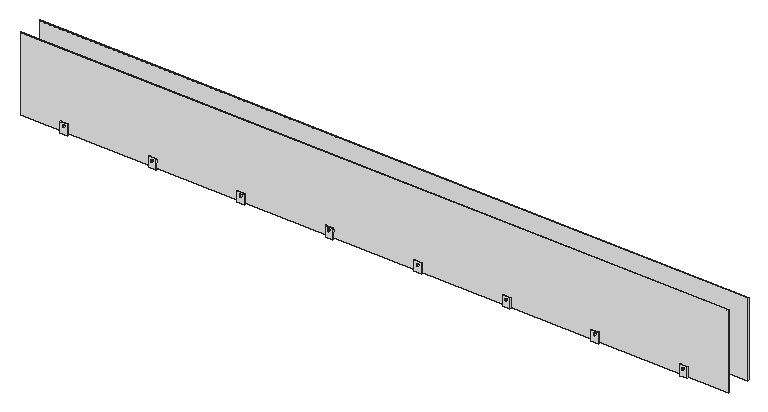
Revit family "Insulating-Panels_Isowall-base-103", category Generic Models, host Wall, Revit 2026
Family settings
  Host = Wall
  Can host rebar = No
  Round Connector Dimension = Use Diameter
  Part Type = Normal
  Always vertical = Yes
  Cut with Voids When Loaded = No
  Maintain Annotation Orientation = No
  Shared = No
  Room Calculation Point = No
Parameters (values of type "AIC-1.03")
  URL = "https://www.aicinsulate.com/"
  Specification = "https://www.aicinsulate.com/isowall.htm#generalspecs"
  Product Documentation Link = "https://www.arcat.com/arcatcos/cos30/arc30171.html"
  Panel Thickness = 0' - 3.38"
  Panel Height = 0' - 10.42"
  Model = "AIC-1.03"
  Manufacturer = "Advance Inulation Concepts, Inc."  # constant formula
  Keynote = "07 42 00"
  Isowall Panel Material = Wall Panel
  Isowall Base Length [instance] = 8' - 0"
  Description = "2\" x 2\" Angle Set In Buty Caulk And Fastened to Floor At 36\" Centers. Concrete Anchors"
  Default Elevation = 0' - 0"
  Copyright = "© 2002 Advanced Insulation Concepts, Inc."  # constant formula
  Construction Details = "https://www.arcat.com/company/advanced-insulation-concepts-inc-30171/cad"
  Clip Width = 0' - 1"  # constant formula
  Clip Material = Metal
  Clip Gape [instance] = 1' - 0"
  Clip Count [instance] = Isowall Base Length / Clip Gape  # 8
  Clip Begin [instance] = Isowall Base Length / Clip Count / 2  # 0' - 6"
Reference planes (in)
  plane 1: y = 0
  plane 2 "Center (Left/Right)": x = 0
  plane 3 "Wall Edge": y = 1.5
  plane 4: y = -1.88
  plane 5: z = 10.42
  plane 6: x = 96
  plane 7: x = 0
  plane 8: z = 0.19995
  plane 9: x = 6
  plane 10: x = 18
  plane 11: z = 0.42505
  plane 12: y = -1.8175
  plane 13: y = 1.4375
Forms (in)
  Sweep 1, solid, material "Wall Panel" <- "Isowall Panel Material"
    path origin (0, 0, 0) x (1, 0, 0) y (0, 1, 0)
      loop
        line (96, 1.5) -> (0, 1.5)
    profile origin (48, 1.5, 0) x (0, -1, 0) y (0, 0, 1)
      loop
        line (0, 0.42505) -> (0.0625, 0.42505) -> (0.0625, 10.42) -> (0, 10.42) -> (0, 0.42505)
      loop
        line (3.38, 10.42) -> (3.3175, 10.42) -> (3.3175, 0.42505) -> (3.38, 0.42505) -> (3.38, 10.42)
  Extrusion 2, void
    sketch origin (0, 0, 0) x (0, 1, 0) y (0, 0, 1)
      loop
        line (1.5, 10.42) -> (1.4375, 10.42) -> (1.4375, 0.42505) -> (-1.8175, 0.42505) -> (-1.8175, 10.42) -> (-1.88, 10.42) -> (-1.88, 0) -> (1.5, 0) -> (1.5, 10.42)
    from 0 to 96
Text (in)
  text "Placement Side" at (0, 40.15149, 123.01588), in view "Right"
  text "Placement Side" at (-70.3804, 28.46503, 0), in view "Ref. Level"
  text "Placement Side" at (0, 81.62555, 140.59947), in view "Left"
Dimensions and locks (in)
  locked: plane 3 "Wall Edge" to host wall
  "Panel Height": plane 5 to level
  "Panel Thickness": plane 3 "Wall Edge" to plane 4
  "Isowall Base Length": plane 7 to plane 6
  locked: plane 8 to level at 0.19995
  equal spacing: group 1, group 2, group 3, group 4, group 5, group 6, group 7, group 8  (x3)
  "Clip Begin": plane 7 to plane 9
  "Clip Gape": plane 9 to plane 10
  locked: plane 11 to plane 8 at 0.2251
  locked: plane 12 to plane 4 at 0.0625
  locked: plane 3 "Wall Edge" to plane 13 at 0.0625
  aligned and locked: Sweep 1 sketch curve to plane 4
  aligned and locked: Sweep 1 sketch curve to plane 3 "Wall Edge"
  aligned and locked: Sweep 1 sketch curve to plane 5
  aligned and locked: plane 2 "Center (Left/Right)" to plane 7
  aligned and locked: plane 6 to Sweep 1 sketch curve
  aligned and locked: plane 7 to Sweep 1 sketch curve
  aligned and locked: plane 3 "Wall Edge" to Sweep 1 sketch curve  (x2)
  aligned and locked: Sweep 1 to plane 3 "Wall Edge"
  aligned and locked: nested 1 to plane 9
  aligned and locked: nested 2 to plane 10
  aligned and locked: Extrusion 2 sketch curve to plane 5
  aligned and locked: Extrusion 2 sketch curve to plane 3 "Wall Edge"
  aligned and locked: Extrusion 2 sketch curve to plane 4
  aligned and locked: Extrusion 2 to Sweep 1
  aligned and locked: Extrusion 2 to plane 2 "Center (Left/Right)"
  aligned and locked: plane 12 to Extrusion 2 sketch curve
  aligned and locked: Extrusion 2 sketch curve to plane 13
  aligned and locked: plane 11 to Extrusion 2 sketch curve
  aligned and locked: level to Extrusion 2 sketch curve
  aligned and locked: Sweep 1 sketch curve to plane 12
  aligned and locked: plane 13 to Sweep 1 sketch curve
Automatic sketch dimensions
  level to Sweep 1 sketch curve = 0' - 0.42505"  (x2)
  Extrusion 2 sketch curve to plane 5 = 0' - 0"
  Sweep 1 sketch curve to Sweep 1 sketch curve = 0' - 0"
Nested families (in)
  nested 1: "Clip" at (6, 1.5, 0.42505) x (-1, 0, 0) z (0, 1, 0), type "Clip"
    with PT 0' - 3.38"
  nested 2: "Clip" at (18, 1.5, 0.42505) x (-1, 0, 0) z (0, 1, 0), type "Clip"
    with PT 0' - 3.38"
  nested 3: "Clip" at (30, 1.5, 0.42505) x (-1, 0, 0) z (0, 1, 0), type "Clip"
    with PT 0' - 3.38"
  nested 4: "Clip" at (42, 1.5, 0.42505) x (-1, 0, 0) z (0, 1, 0), type "Clip"
    with PT 0' - 3.38"
  nested 5: "Clip" at (54, 1.5, 0.42505) x (-1, 0, 0) z (0, 1, 0), type "Clip"
    with PT 0' - 3.38"
  nested 6: "Clip" at (66, 1.5, 0.42505) x (-1, 0, 0) z (0, 1, 0), type "Clip"
    with PT 0' - 3.38"
  nested 7: "Clip" at (78, 1.5, 0.42505) x (-1, 0, 0) z (0, 1, 0), type "Clip"
    with PT 0' - 3.38"
  nested 8: "Clip" at (90, 1.5, 0.42505) x (-1, 0, 0) z (0, 1, 0), type "Clip"
    with PT 0' - 3.38"
Definition of nested family "Clip"
  Parameters (values of type "Clip")
    PT = 0' - 3 3/8"
    Default Elevation = 4' - 0"
    Clip thickness = 0' - 1"
    Clip = none
  Reference planes (in)
    plane 1 "Center (Front/Back)": y = 0
    plane 2: z = 0
    plane 3 "Center (Left/Right)": x = 0
    plane 4: z = -3.375
    plane 5: x = -0.5
    plane 6: x = 0.5
  Forms (in)
    Extrusion 1, solid
      sketch origin (0, 0, 0) x (1, 0, 0) y (0, 1, 0)
        loop
          line (-48, 48) -> (-48, -48) -> (48, -48) -> (48, 48) -> (-48, 48)
      from 0 to -12
    Extrusion 2, solid, material <- "Clip"
      sketch origin (0, 0, 0) x (0, 1, 0) y (0, 0, 1)
        loop
          line (1.18498, 0.13373) -> (-0.1602, 0.13373) -> (-0.1602, -0.55408) -> (-0.23642, -0.55408) -> (-0.23642, -0.86882) -> (-0.1602, -0.86882) -> (-0.1602, -1.11342) -> (-0.10551, -1.11342) -> (-0.10551, 0.07904) -> (0.66228, 0.07904) -> (0.66228, 0) -> (0.97782, 0) -> (0.97782, 0.07904) -> (1.18498, 0.07904) -> (1.18498, 0.13373)
      from -0.5 to 0.5
    Revolve 3, solid, material <- "Clip"
      sketch origin (0, 0, 0) x (0, 1, 0) y (0, 0, 1)
        loop
          line (0.68981, 0.20954) -> (0.68981, 0.15449) -> (0.77849, 0.15449) -> (0.77849, -0.2829) -> (0.81573, -0.2829) -> (0.81573, 0.20954) -> (0.68981, 0.20954)
        axis (0.81573, 0.20954) -> (0.81573, -0.2829)
      angle from 0 to 360
    Revolve 4, solid, material <- "Clip"
      sketch origin (0, 0, 0.375) x (0, 1, 0) y (0, 0, 1)
        loop
          line (-0.03697, -0.95008) -> (-0.09202, -0.95008) -> (-0.09202, -1.03877) -> (-0.52941, -1.03877) -> (-0.52941, -1.076) -> (-0.03697, -1.076) -> (-0.03697, -0.95008)
        axis (-0.03697, -1.076) -> (-0.52941, -1.076)
      angle from 0 to 360
    Extrusion 5, solid, material <- "Clip"
      sketch origin (0, 0, -3.375) x (0, 1, 0) y (0, 0, 1)
        loop
          line (1.18498, -0.13373) -> (1.18498, -0.07904) -> (0.97782, -0.07904) -> (0.97782, 0) -> (0.66228, 0) -> (0.66228, -0.07904) -> (-0.10551, -0.07904) -> (-0.10551, 1.11342) -> (-0.1602, 1.11342) -> (-0.1602, 0.86882) -> (-0.23642, 0.86882) -> (-0.23642, 0.55408) -> (-0.1602, 0.55408) -> (-0.1602, -0.13373) -> (1.18498, -0.13373)
      from -0.5 to 0.5
    Revolve 6, solid, material <- "Clip"
      sketch origin (0, 0, -3.375) x (0, 1, 0) y (0, 0, -1)
        loop
          line (0.68981, 0.20954) -> (0.68981, 0.15449) -> (0.77849, 0.15449) -> (0.77849, -0.2829) -> (0.81573, -0.2829) -> (0.81573, 0.20954) -> (0.68981, 0.20954)
        axis (0.81573, 0.20954) -> (0.81573, -0.2829)
      angle from 0 to 360
    Revolve 7, solid, material <- "Clip"
      sketch origin (0, 0, -3.75) x (0, 1, 0) y (0, 0, -1)
        loop
          line (-0.03697, -0.95008) -> (-0.09202, -0.95008) -> (-0.09202, -1.03877) -> (-0.52941, -1.03877) -> (-0.52941, -1.076) -> (-0.03697, -1.076) -> (-0.03697, -0.95008)
        axis (-0.03697, -1.076) -> (-0.52941, -1.076)
      angle from 0 to 360
  Dimensions and locks (in)
    "PT": plane 2 to plane 4
    equal spacing: plane 5, plane 3 "Center (Left/Right)", plane 6
    "Clip thickness": plane 5 to plane 6
    locked: Revolve 7 sketch curve to plane 4 at 0.701
    Revolve 7 sketch curve to Revolve 7 sketch curve to Revolve 7 sketch curve = 0' - 0.08869" locked, 0' - 0.03724" locked
    plane 1 "Center (Front/Back)" to Revolve 7 sketch curve to Revolve 7 sketch curve to Revolve 7 sketch curve = 0' - 0.03697", 0' - 0.05505" locked, 0' - 0.43739" locked
    Revolve 6 sketch curve to Revolve 6 sketch curve to Revolve 6 sketch curve to plane 1 "Center (Front/Back)" = 0' - 0.03724" locked, 0' - 0.08869" locked, 0' - 0.68981" locked
    Revolve 6 sketch curve to plane 4 to Revolve 6 sketch curve to Revolve 6 sketch curve = 0' - 0.2829" locked, 0' - 0.15449" locked, 0' - 0.05505" locked
    Revolve 3 sketch curve to Revolve 3 sketch curve to Revolve 3 sketch curve to plane 1 "Center (Front/Back)" = 0' - 0.03724" locked, 0' - 0.08869" locked, 0' - 0.68981" locked
    plane 2 to Revolve 4 sketch curve to Revolve 4 sketch curve to Revolve 4 sketch curve = 0' - 0.57508" locked, 0' - 0.08869" locked, 0' - 0.03724" locked
    plane 1 "Center (Front/Back)" to Revolve 4 sketch curve to Revolve 4 sketch curve to Revolve 4 sketch curve = 0' - 0.03697" locked, 0' - 0.05505" locked, 0' - 0.43739" locked
    Extrusion 5 sketch curve to Extrusion 5 sketch curve to Extrusion 5 sketch curve to plane 4 to Extrusion 5 sketch curve to Extrusion 5 sketch curve to Extrusion 5 sketch curve = 0' - 0.2446" locked, 0' - 0.31474" locked, 0' - 0.55408" locked, 0' - 0.07904" locked, 0' - 0" locked, 0' - 0 7/128" locked
    Extrusion 5 sketch curve to Extrusion 5 sketch curve to Extrusion 5 sketch curve to plane 1 "Center (Front/Back)" to Extrusion 5 sketch curve to Extrusion 5 sketch curve to Extrusion 5 sketch curve to Extrusion 5 sketch curve = 0' - 0.20716" locked, 0' - 0.31555" locked, 0' - 0.66228" locked, 0' - 0.10551" locked, 0' - 0 7/128" locked, 0' - 0" locked, 0' - 0.07622" locked
    Extrusion 2 sketch curve to Extrusion 2 sketch curve to Extrusion 2 sketch curve to plane 2 to Extrusion 2 sketch curve to Extrusion 2 sketch curve to Extrusion 2 sketch curve = 0' - 0 7/128" locked, 0' - 0" locked, 0' - 0.07904" locked, 0' - 0.55408" locked, 0' - 0.31474" locked, 0' - 0.2446" locked
    Extrusion 2 sketch curve to Extrusion 2 sketch curve to Extrusion 2 sketch curve to plane 1 "Center (Front/Back)" to Extrusion 2 sketch curve to Extrusion 2 sketch curve to Extrusion 2 sketch curve to Extrusion 2 sketch curve = 0' - 0.20716" locked, 0' - 0.31555" locked, 0' - 0.66228" locked, 0' - 0.10551" locked, 0' - 0 7/128" locked, 0' - 0" locked, 0' - 0.07622" locked
    aligned and locked: plane 2 to Extrusion 1
    aligned and locked: level to Extrusion 1
    aligned and locked: Extrusion 2 to plane 5
    aligned and locked: Extrusion 2 to plane 6
    aligned and locked: Extrusion 5 sketch curve to plane 4
    aligned and locked: Extrusion 2 sketch curve to plane 2
    aligned and locked: Extrusion 5 to plane 6
    aligned and locked: plane 6 to Extrusion 2  (x7)
    aligned and locked: Extrusion 5 to plane 5
    aligned and locked: plane 5 to Extrusion 2  (x7)
  Automatic sketch dimensions
    Extrusion 1 sketch curve to Extrusion 1 sketch curve = 8' - 0"  (x2)
    level to Revolve 3 sketch curve = 0' - 0.20954"
    Revolve 3 sketch curve to Revolve 3 sketch curve = 0' - 0.05505"
    Revolve 3 sketch curve to level = 0' - 0.2829"
    Revolve 3 sketch curve to Revolve 3 sketch curve = 0' - 0"
    Revolve 3 sketch curve to Revolve 3 sketch curve = 0' - 0.66838"
    Revolve 4 sketch curve to Revolve 4 sketch curve = 0' - 0.03724"
    Revolve 4 sketch curve to Revolve 4 sketch curve = 0' - 0.75756"
    Revolve 4 sketch curve to plane 1 "Center (Front/Back)" = 0' - 0.8461"
    Revolve 6 sketch curve to Revolve 6 sketch curve = 0' - 0"
    Revolve 6 sketch curve to Revolve 6 sketch curve = 0' - 0.66838"
    Revolve 7 sketch curve to Revolve 7 sketch curve = 0' - 0.03724"
    Revolve 7 sketch curve to Revolve 7 sketch curve = 0' - 0.75756"
    plane 1 "Center (Front/Back)" to Revolve 7 sketch curve = 0' - 0.8461"
    Revolve 3 sketch curve to Revolve 3 sketch curve = 0' - 0.76197"
    Revolve 6 sketch curve to Revolve 6 sketch curve = 0' - 0.76197"
